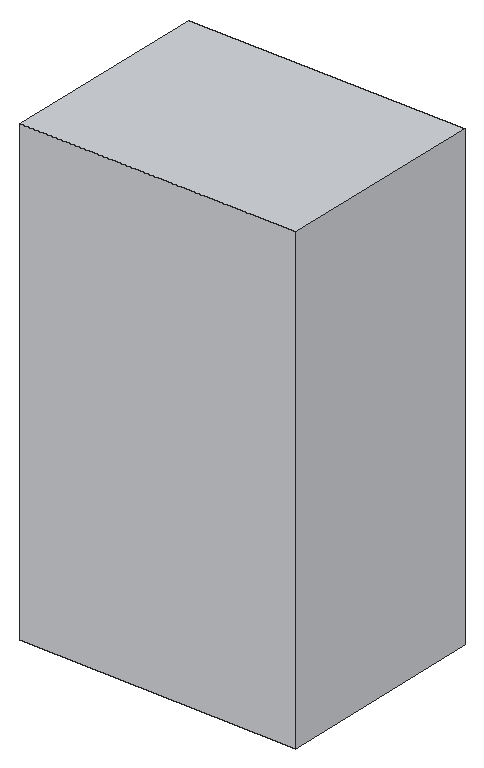
Revit family
Parameters
  Warranty Duration (Years) = 0
  Unit Width [instance] = 1' - 4"
  Unit Height [instance] = 0' - 9 99/256"
  Unit Depth = 0' - 0"
  URL = "http://www.americanspecialties.com/viewCategories.cfm"
  Trim Material = Metal - Stainless Steel
  Test Data = ""
  Specification = "http://www.arcat.com/sdspecs/htm/10810asi.htm"
  SpecWizard = ""
  Send Message = "http://www.arcat.com/users.pl?action=UserEmail&company=American%20Specialties,%20Inc.&coid=30448&rep=139&fax=914-476-0688&mf="
  Sales Information = "http://www.americanspecialties.com/contact"
  Revision = "R1_10-2010"
  Rod [instance] = 1' - 1 3/4"
  Product Properties = "http://www.americanspecialties.com/datasheets/82082.pdf"
  Product Data = "http://www.arcat.com/arcatcos/cos30/arc30448.html"
  Model = "As Specified in 10 28 13"
  Manufacturer Website = "http://www.americanspecialties.com/viewCategories.cfm"
  Manufacturer Phone - Toll Free = ""
  Manufacturer Phone = "914-476-9000 "
  Manufacturer Fax = "914-476-0688"
  Manufacturer Address = "441 Saw Mill River Rd., Yonkers, NY 10701"
  Manufacturer = "American Specialties, Inc."
  Maintenance Schedule (Months) = 0
  Keynote = "10 28 13"
  Installation-Fabrication = "http://www.americanspecialties.com/products.cfm"
  Green Building-LEED = ""
  Expected Lifespan (Years) = 0
  Drawn By = "Robert S. Weygant. CSI, CDT, SCIP"  # constant formula
  Description = "Toilet Accessory as Specified in 10 28 13"
  Default Elevation = 4' - 0"
  Copyright = "©Arcat Inc."
  Construction Details = "http://www.arcat.com/green/clients/leed_data_30448.html"
  Building Codes = "http://www.americanspecialties.com/products.cfm"
  Body Material = Metal - Stainless Steel
  Assembly Code = "C1030210"
Reference planes (in)
  plane 1 "Center (Front/Back)": y = -0.29112
  plane 2 "Floor Line": z = 0
  plane 3 "Center (Left/Right)": x = -0.65843
  plane 4: z = 52.69336
  plane 5: x = -8.65843
  plane 6: x = 7.34157
  plane 7: z = 48
  plane 8: z = 57.38672
Forms (in)
  Extrusion 1, solid
    sketch origin (-3, -9, -6) x (0, 0, -1) y (1, 0, 0)
      loop
        line (-82, 26) -> (-82, -19.34712) -> (-6, -19.34712) -> (-6, 26) -> (-82, 26)
    from 9 to -25.60721
  Sweep 2, solid, material "Metal - Stainless Steel" <- "Body Material"
    path origin (-5.64758, -3.1206, 4.13023) x (1, 0, 0) y (0, -0.5, -0.866025)
      loop
        line (-3.01085, 0) -> (-3.01085, 2.57066)
        arc (-3.01085, 2.57066) -> (-2.59221, 3.58136) -> (-1.58151, 4) r 1.42934
        line (-1.58151, 4) -> (11.79761, 4)
        arc (11.79761, 4) -> (12.64016, 3.651) -> (12.98915, 2.80846) r 1.19154
        line (12.98915, 2.80846) -> (12.98915, 0)
    profile origin (-8.65843, -3.76327, 3.0171) x (-1, 0, 0) y (0, 0.866025, -0.5)
      loop
        circle (0, 0) r 0.5
  Extrusion 3, solid, material "Metal - Stainless Steel" <- "Body Material"
    sketch origin (39.96841, -4.89511, 5.50069) x (0, 0, -1) y (0, 1, 0)
      loop
        circle (-8.74931, 11.69648) r 0.5
    from -25.62684 to -55.62684
  Extrusion 4, solid, material "Metal - Stainless Steel" <- "Body Material"
    sketch origin (5.87175, -5.29864, 5.68346) x (1, 0, 0) y (0, 0, -1)
      loop
        line (-21.53018, 3.49596) -> (-21.53018, -9.50404) -> (-20.28018, -9.50404) -> (-20.28018, 3.49596) -> (-21.53018, 3.49596)
    from 11.3463 to 12.6
  Extrusion 5, solid, material "Metal - Stainless Steel" <- "Body Material"
    sketch origin (-2.15843, 10.13464, -5.81661) x (0, 1, 0) y (0, 0, 1)
      loop
        line (-8.53943, 7.19161) -> (-15.41443, 7.19161)
        arc (-15.41443, 7.19161) -> (-15.76799, 7.04516) -> (-15.91443, 6.69161) r 0.5
        line (-15.91443, 6.69161) -> (-15.91443, 6.06661) -> (-16.41443, 6.06661) -> (-16.41443, 5.94161) -> (-15.78943, 5.94161) -> (-15.78943, 6.69161)
        arc (-15.78943, 6.69161) -> (-15.6796, 6.95677) -> (-15.41443, 7.06661) r 0.375
        line (-15.41443, 7.06661) -> (-8.53943, 7.06661)
        arc (-8.53943, 7.06661) -> (-8.27427, 6.95677) -> (-8.16443, 6.69161) r 0.375
        line (-8.16443, 6.69161) -> (-8.16443, 5.94161) -> (-7.53943, 5.94161) -> (-7.53943, 6.06661) -> (-8.03943, 6.06661) -> (-8.03943, 6.69161)
        arc (-8.03943, 6.69161) -> (-8.18588, 7.04516) -> (-8.53943, 7.19161) r 0.5
    from 0 to 3
  Extrusion 6, solid, material "Metal - Stainless Steel" <- "Body Material"
    sketch origin (-0.65843, 0, -0.06661) x (0, 1, 0) y (0, 0, 1)
      loop
        line (2.59521, 0.19161) -> (-6.27979, 0.19161) -> (-6.27979, 0.06661) -> (2.59521, 0.06661) -> (2.59521, 0.19161)
    from -1.5 to 1.5
  Sweep 7, solid, material "Metal - Stainless Steel" <- "Body Material"
    path origin (-0.65843, -0.20055, 0) x (0, 1, 0) y (0, 0, 1)
      loop
        line (6.93958, 3.12719) -> (4.53957, 3.12719)
        arc (4.53957, 3.12719) -> (3.83246, 2.8343) -> (3.53957, 2.12719) r 1
        line (3.53957, 2.12719) -> (3.53957, 0.125)
    profile origin (-0.65843, 5.53903, 3.12719) x (0, 0, -1) y (1, 0, 0)
      loop
        circle (0, -9.75) r 0.5
  Extrusion 8, solid, material "Metal - Stainless Steel" <- "Body Material"
    sketch origin (0.23502, -0.29667, 0) x (1, 0, 0) y (0, 1, 0)
      loop
        circle (-10.63841, 3.66053) r 1.13038
      loop
        circle (-10.63636, 2.77254) r 0.125
      loop
        circle (-9.87041, 4.1063) r 0.125
      loop
        circle (-11.40641, 4.1063) r 0.125
    from 0 to 0.125
  Sweep 9, solid, material "Metal - Stainless Steel" <- "Body Material"
    path origin (-4.65843, -5.12677, 4.66778) x (0, 0, -1) y (0, -1, 0)
      loop
        line (0.53755, -2.00616) -> (-3.33278, -4.24069)
        arc (-3.33278, -4.24069) -> (-4.14475, -4.82505) -> (-4.82414, -5.55934) r 5
        line (-4.82414, -5.55934) -> (-9.59645, -11.88449)
    profile origin (-4.65843, -2.00334, 6.06539) x (0, 0.866025, -0.5) y (-1, 0, 0)
      loop
        circle (0, 4) r 0.5
  Extrusion 10, solid, material "Metal - Stainless Steel" <- "Body Material"
    sketch origin (-1.5448, -0.29667, 0) x (-1, 0, 0) y (0, -1, 0)
      loop
        circle (-10.63841, -3.66053) r 1.13038
      loop
        circle (-10.63636, -2.77254) r 0.125
      loop
        circle (-9.87041, -4.1063) r 0.125
      loop
        circle (-11.40641, -4.1063) r 0.125
    from 0 to 0.125
  Sweep 11, solid, material "Metal - Stainless Steel" <- "Body Material"
    path origin (-1.84593, -0.20055, 0) x (0, 1, 0) y (0, 0, -1)
      loop
        line (6.93958, -3.12719) -> (4.53957, -3.12719)
        arc (4.53957, -3.12719) -> (3.83246, -2.8343) -> (3.53957, -2.12719) r 1
        line (3.53957, -2.12719) -> (3.53957, -0.125)
    profile origin (-1.84593, 5.53903, 3.12719) x (0, 0, 1) y (-1, 0, 0)
      loop
        circle (0, -10.9375) r 0.5
  Sweep 12, solid, material "Metal - Stainless Steel" <- "Body Material"
    path origin (3.34157, -5.12677, 4.66778) x (0, 0, -1) y (0, 1, 0)
      loop
        line (0.53755, 2.00616) -> (-3.33278, 4.24069)
        arc (-3.33278, 4.24069) -> (-4.14475, 4.82505) -> (-4.82414, 5.55934) r 5
        line (-4.82414, 5.55934) -> (-9.59645, 11.88449)
    profile origin (3.34157, -2.00334, 6.06539) x (0, -0.866025, 0.5) y (1, 0, 0)
      loop
        circle (0, 4) r 0.5
  Extrusion 13, solid, material "Metal - Stainless Steel" <- "Body Material"
    sketch origin (-7.18862, -5.29864, 5.68346) x (-1, 0, 0) y (0, 0, 1)
      loop
        line (-21.53018, -3.49596) -> (-20.28018, -3.49596) -> (-20.28018, 16.50404) -> (-21.53018, 16.50404) -> (-21.53018, -3.49596)
    from 11.3463 to 12.6
  Extrusion 14, solid, material "Metal - Stainless Steel" <- "Body Material"
    sketch origin (39.96841, -4.89511, 11.87431) x (0, 0, 1) y (0, -1, 0)
      loop
        circle (-8.74931, -11.69648) r 0.5
    from -25.62684 to -55.62684
  Extrusion 15, solid, material "Metal - Stainless Steel" <- "Trim Material"
    sketch origin (-59.53046, 7.69056, -16.78088) x (1, 0, 0) y (0, 0, 1)
      loop
        arc (63.87108, 39.65884) -> (62.45686, 39.07305) -> (61.87108, 37.65884) r 2
        line (61.87108, 37.65884) -> (61.87108, 36.65884) -> (75.37108, 36.65884) -> (75.37108, 37.65884)
        arc (75.37108, 37.65884) -> (74.78529, 39.07305) -> (73.37108, 39.65884) r 2
        line (73.37108, 39.65884) -> (63.87108, 39.65884)
      loop
        arc (73.37108, 18.15884) -> (74.78529, 18.74462) -> (75.37108, 20.15884) r 2
        line (75.37108, 20.15884) -> (75.37108, 21.53384) -> (42.37108, 21.53384) -> (42.37108, 19.84634)
        arc (42.37108, 19.84634) -> (42.86533, 18.65309) -> (44.05858, 18.15884) r 1.6875
        line (44.05858, 18.15884) -> (73.37108, 18.15884)
      loop
        arc (44.99608, 32.65884) -> (43.13992, 31.88999) -> (42.37108, 30.03384) r 2.625
        line (42.37108, 30.03384) -> (42.37108, 29.28384) -> (75.37108, 29.28384) -> (75.37108, 32.65884) -> (44.99608, 32.65884)
      loop
        line (61.87108, 33.15884) -> (75.37108, 33.15884) -> (75.37108, 36.15884) -> (61.87108, 36.15884) -> (61.87108, 33.15884)
      loop
        line (42.37108, 28.78384) -> (42.37108, 25.65884) -> (75.37108, 25.65884) -> (75.37108, 28.78384) -> (42.37108, 28.78384)
      loop
        line (42.37108, 25.15884) -> (42.37108, 22.03384) -> (75.37108, 22.03384) -> (75.37108, 25.15884) -> (42.37108, 25.15884)
    from 0 to 0.375
  Extrusion 16, solid, material "Metal - Stainless Steel" <- "Body Material"
    sketch origin (25.28783, -5.29864, 5.68346) x (1, 0, 0) y (0, 0, -1)
      loop
        line (-21.53018, 3.49596) -> (-21.53018, -16.50404) -> (-20.28018, -16.50404) -> (-20.28018, 3.49596) -> (-21.53018, 3.49596)
    from 11.3463 to 12.6
Cuts and joins
  joined: Sweep 2, Sweep 9, Sweep 12
  joined: Sweep 7, Extrusion 8
Dimensions and locks (in)
  equal spacing: plane 8, plane 4, plane 7
  equal spacing: plane 6, plane 3 "Center (Left/Right)", plane 5
  "Unit Width": plane 6 to plane 5
  "Unit Height": plane 8 to plane 7
  "Default Elevation": plane 7 to plane 2 "Floor Line"
  Sweep 2 sketch curve to Sweep 2 sketch curve = 1' - 4"
  "Unit Width": Sweep 2 sketch curve to Sweep 2 sketch curve
  Extrusion 5 sketch curve to Extrusion 5 sketch curve = 0' - 1 1/8"
  Extrusion 5 sketch curve to Extrusion 5 sketch curve = 0' - 0 1/8"
  locked: Extrusion 15 sketch curve to Extrusion 15 sketch curve at 14.5
  radius of Sweep 2 sketch curve = 0' - 1.42934"
  radius of Sweep 2 sketch curve = 0' - 1.19154"
  aligned and locked: Extrusion 1 to level
  aligned and locked: plane 5 to Sweep 2 sketch curve
  aligned and locked: Extrusion 6 to Extrusion 5
  aligned and locked: Extrusion 5 sketch curve to Extrusion 6
  aligned and locked: Extrusion 4 to Extrusion 3
Automatic sketch dimensions
  Extrusion 1 sketch curve to Extrusion 1 sketch curve = 6' - 4"
  Extrusion 1 sketch curve to Extrusion 1 sketch curve = 3' - 9.34712"
  Sweep 2 sketch curve to Sweep 2 sketch curve = 0' - 0"
  Sweep 2 sketch curve to Sweep 2 sketch curve = 0' - 2.57066"
  Sweep 2 sketch curve to profile plane = 0' - 0"  (x2)
  Extrusion 3 sketch curve to plane 1 "Center (Front/Back)" = 0' - 7.09248"
  level to Extrusion 3 sketch curve = 1' - 2 1/4"
  Extrusion 4 sketch curve to plane 5 = 0' - 7"
  Extrusion 4 sketch curve to Extrusion 4 sketch curve = 0' - 1 1/4"
  level to Extrusion 4 sketch curve = 1' - 3 3/16"
  level to Extrusion 4 sketch curve = 0' - 2 3/16"
  Extrusion 5 sketch curve to Extrusion 5 sketch curve = 0' - 0"  (x4)
  level to Extrusion 5 sketch curve = 0' - 0 1/4"
  plane 1 "Center (Front/Back)" to Extrusion 5 sketch curve = 0' - 5.98868"
  Extrusion 5 sketch curve to Extrusion 5 sketch curve = 0' - 0 1/2"  (x2)
  Extrusion 5 sketch curve to Extrusion 5 sketch curve = 0' - 0 1/8"  (x2)
  Extrusion 5 sketch curve to Extrusion 5 sketch curve = 0' - 0 3/8"  (x2)
  Extrusion 5 sketch curve to plane 1 "Center (Front/Back)" = 0' - 1.88632"
  level to Extrusion 5 sketch curve = 0' - 0 1/8"
  Extrusion 6 sketch curve to level = 0' - 0"
  level to Extrusion 6 sketch curve = 0' - 0 1/8"
  plane 1 "Center (Front/Back)" to Extrusion 6 sketch curve = 0' - 5.98868"
  Extrusion 6 sketch curve to plane 1 "Center (Front/Back)" = 0' - 2.88632"
  level to Sweep 7 sketch curve = 0' - 0 1/8"
  Sweep 7 sketch curve to plane 1 "Center (Front/Back)" = 0' - 3.63014"
  Sweep 7 sketch curve to Sweep 7 sketch curve = 0' - 1"
  Sweep 7 sketch curve to Sweep 7 sketch curve = 0' - 2.40001"
  Sweep 7 sketch curve to Sweep 7 sketch curve = 0' - 2.00219"
  Sweep 7 sketch curve to profile plane = 0' - 0"
  Sweep 7 sketch curve to plane 3 "Center (Left/Right)" = 0' - 9 3/4"
  Extrusion 8 sketch curve to plane 5 = 0' - 2.51295"
  Extrusion 8 sketch curve to Extrusion 8 sketch curve = 0' - 0.768"  (x2)
  Extrusion 8 sketch curve to Extrusion 8 sketch curve = 0' - 0.00205"
  Extrusion 8 sketch curve to plane 1 "Center (Front/Back)" = 0' - 2.76699"
  Extrusion 8 sketch curve to Extrusion 8 sketch curve = 0' - 0.88799"
  Extrusion 8 sketch curve to Extrusion 8 sketch curve = 0' - 0.44577"  (x2)
  Sweep 9 sketch curve to plane 1 "Center (Front/Back)" = 0' - 7.04884"
  level to Sweep 9 sketch curve = 1' - 2.26423"
  Sweep 9 sketch curve to plane 1 "Center (Front/Back)" = 0' - 0.7237"
  Sweep 9 sketch curve to Sweep 9 sketch curve = 0' - 4.77231"
  plane 1 "Center (Front/Back)" to Sweep 9 sketch curve = 0' - 0.59495"
  Sweep 9 sketch curve to Sweep 9 sketch curve = 0' - 1.49137"
  Sweep 9 sketch curve to plane 1 "Center (Front/Back)" = 0' - 3.73517"
  level to Sweep 9 sketch curve = 0' - 4.13023"
  plane 1 "Center (Front/Back)" to Sweep 9 sketch curve = 0' - 2.82949"
  Sweep 9 sketch curve to profile plane = 0' - 0"
  profile plane to Sweep 9 sketch curve = 0' - 4"
  Extrusion 10 sketch curve to plane 6 = 0' - 2.52004"
  Extrusion 10 sketch curve to Extrusion 10 sketch curve = 0' - 0.768"  (x2)
  Extrusion 10 sketch curve to Extrusion 10 sketch curve = 0' - 0.00205"
  plane 1 "Center (Front/Back)" to Extrusion 10 sketch curve = 0' - 2.76699"
  Extrusion 10 sketch curve to Extrusion 10 sketch curve = 0' - 0.88799"
  Extrusion 10 sketch curve to Extrusion 10 sketch curve = 0' - 0.44577"  (x2)
  level to Sweep 11 sketch curve = 0' - 0 1/8"
  Sweep 11 sketch curve to plane 1 "Center (Front/Back)" = 0' - 3.63014"
  Sweep 11 sketch curve to Sweep 11 sketch curve = 0' - 1"
  Sweep 11 sketch curve to Sweep 11 sketch curve = 0' - 2.40001"
  Sweep 11 sketch curve to Sweep 11 sketch curve = 0' - 2.00219"
  Sweep 11 sketch curve to profile plane = 0' - 0"
  Sweep 11 sketch curve to profile plane = 0' - 10 15/16"
  Sweep 12 sketch curve to plane 1 "Center (Front/Back)" = 0' - 7.04884"
  level to Sweep 12 sketch curve = 1' - 2.26423"
  Sweep 12 sketch curve to plane 1 "Center (Front/Back)" = 0' - 0.7237"
  Sweep 12 sketch curve to Sweep 12 sketch curve = 0' - 4.77231"
  plane 1 "Center (Front/Back)" to Sweep 12 sketch curve = 0' - 0.59495"
  Sweep 12 sketch curve to Sweep 12 sketch curve = 0' - 1.49137"
  Sweep 12 sketch curve to plane 1 "Center (Front/Back)" = 0' - 3.73517"
  level to Sweep 12 sketch curve = 0' - 4.13023"
  plane 1 "Center (Front/Back)" to Sweep 12 sketch curve = 0' - 2.82949"
  Sweep 12 sketch curve to profile plane = 0' - 0"
  profile plane to Sweep 12 sketch curve = 0' - 4"
  plane 6 to Extrusion 13 sketch curve = 0' - 7"
  Extrusion 13 sketch curve to Extrusion 13 sketch curve = 0' - 1 1/4"
  level to Extrusion 13 sketch curve = 0' - 2 3/16"
  Extrusion 13 sketch curve to Extrusion 13 sketch curve = 1' - 8"
  level to Extrusion 14 sketch curve = 0' - 3 1/8"
  Extrusion 14 sketch curve to plane 1 "Center (Front/Back)" = 0' - 7.09248"
  Extrusion 15 sketch curve to plane 5 = 0' - 8.50095"
  Extrusion 15 sketch curve to Extrusion 15 sketch curve = 0' - 0"  (x8)
  Extrusion 15 sketch curve to Extrusion 15 sketch curve = 0' - 1 11/16"
  Extrusion 15 sketch curve to Extrusion 15 sketch curve = 0' - 2 5/8"
  plane 3 "Center (Left/Right)" to Extrusion 15 sketch curve = 0' - 2.99905"
  Extrusion 15 sketch curve to Extrusion 15 sketch curve = 0' - 2"  (x3)
  plane 6 to Extrusion 15 sketch curve = 0' - 6.49905"  (x2)
  level to Extrusion 15 sketch curve = 0' - 1.37795"
  Extrusion 15 sketch curve to Extrusion 15 sketch curve = 0' - 1 3/8"
  Extrusion 15 sketch curve to Extrusion 15 sketch curve = 0' - 0 1/2"  (x5)
  Extrusion 15 sketch curve to Extrusion 15 sketch curve = 0' - 3 1/8"  (x2)
  Extrusion 15 sketch curve to Extrusion 15 sketch curve = 0' - 3"
  Extrusion 15 sketch curve to Extrusion 15 sketch curve = 0' - 1"
  Extrusion 16 sketch curve to plane 6 = 0' - 3.58392"
  Extrusion 16 sketch curve to Extrusion 16 sketch curve = 0' - 1 1/4"
  level to Extrusion 16 sketch curve = 1' - 10 3/16"
  level to Extrusion 16 sketch curve = 0' - 2 3/16"
  radius of Sweep 2 sketch curve = 0' - 0 1/2"
  radius of Extrusion 3 sketch curve = 0' - 0 1/2"
  radius of Sweep 7 sketch curve = 0' - 0 1/2"
  radius of Extrusion 8 sketch curve = 0' - 1.13038"
  radius of Extrusion 8 sketch curve = 0' - 0 1/8"  (x3)
  radius of Sweep 9 sketch curve = 0' - 0 1/2"
  radius of Extrusion 10 sketch curve = 0' - 1.13038"
  radius of Extrusion 10 sketch curve = 0' - 0 1/8"  (x3)
  radius of Sweep 11 sketch curve = 0' - 0 1/2"
  radius of Sweep 12 sketch curve = 0' - 0 1/2"
  radius of Extrusion 14 sketch curve = 0' - 0 1/2"
